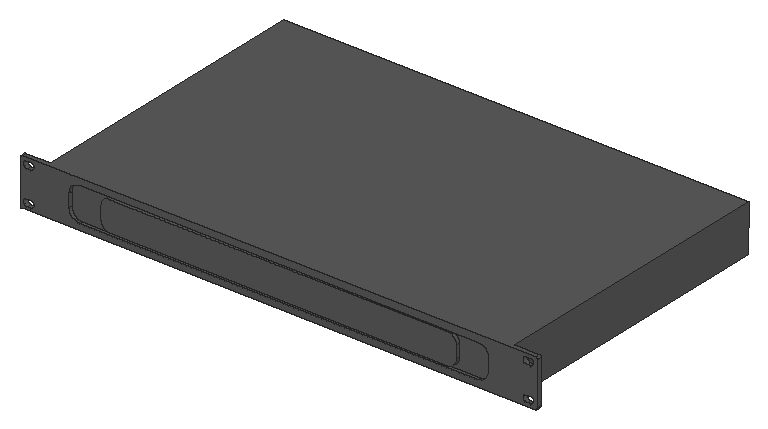
Revit family "E 40-2", category Communication Devices, Revit 2020
Family settings
  Maintain Annotation Orientation = No
  Round Connector Dimension = Use Diameter
  Part Type = Normal
  Work Plane-Based = No
  Always vertical = Yes
  Cut with Voids When Loaded = No
  Shared = No
  Room Calculation Point = No
Parameters
  Weight (kg) [instance] = 8.1  # constant formula
  Voltage [instance] = "100-240VAC"  # constant formula
  Model = "E 40:2"
  Manufacturer = "Lab Gruppen"
  Default Elevation = 0 mm
  Current Draw (Max) [instance] = 10  # constant formula
Reference planes
  plane 1 "Center (Front/Back)": y = 0
  plane 2: z = 0
  plane 3 "Center (Left/Right)": x = 0
Forms (mm)
  Extrusion 1, solid, material "Aluminium, Black"
    sketch origin (0, 0, 0) x (1, 0, 0) y (0, 0, 1)
      loop
        line (216.937, 44) -> (-216.504, 44) -> (-216.504, 0) -> (216.937, 0) -> (216.937, 44)
    from 0 to -272
  Extrusion 2, solid, material "Aluminium, Black"
    sketch origin (0, 0, 0) x (1, 0, 0) y (0, 0, 1)
      loop
        arc (-239.3, 44) -> (-240.714, 43.415) -> (-241.3, 42) r 2
        line (-241.3, 42) -> (-241.3, 2)
        arc (-241.3, 2) -> (-240.714, 0.586) -> (-239.3, 0) r 2
        line (-239.3, 0) -> (239.3, 0)
        arc (239.3, 0) -> (240.714, 0.586) -> (241.3, 2) r 2
        line (241.3, 2) -> (241.3, 42)
        arc (241.3, 42) -> (240.714, 43.415) -> (239.3, 44) r 2
        line (239.3, 44) -> (-239.3, 44)
    from 0 to 4
  Extrusion 3, void
    sketch origin (0, 0, 0) x (1, 0, 0) y (0, 0, 1)
      loop
        arc (231.4, 41.4) -> (227.9, 37.9) -> (231.4, 34.4) r 3.5
        line (231.4, 34.4) -> (234.4, 34.4)
        arc (234.4, 34.4) -> (237.9, 37.9) -> (234.4, 41.4) r 3.5
        line (234.4, 41.4) -> (231.4, 41.4)
    from 0 to 4
  Extrusion 4, void
    sketch origin (0, 0, 0) x (1, 0, 0) y (0, 0, 1)
      loop
        arc (231.4, 9.6) -> (227.9, 6.1) -> (231.4, 2.6) r 3.5
        line (231.4, 2.6) -> (234.4, 2.6)
        arc (234.4, 2.6) -> (237.9, 6.1) -> (234.4, 9.6) r 3.5
        line (234.4, 9.6) -> (231.4, 9.6)
    from 0 to 4
  Extrusion 5, void
    sketch origin (0, 0, 0) x (1, 0, 0) y (0, 0, 1)
      loop
        arc (-234.4, 41.4) -> (-237.9, 37.9) -> (-234.4, 34.4) r 3.5
        line (-234.4, 34.4) -> (-231.4, 34.4)
        arc (-231.4, 34.4) -> (-227.9, 37.9) -> (-231.4, 41.4) r 3.5
        line (-231.4, 41.4) -> (-234.4, 41.4)
    from 0 to 4
  Extrusion 6, void
    sketch origin (0, 0, 0) x (1, 0, 0) y (0, 0, 1)
      loop
        arc (-234.4, 9.6) -> (-237.9, 6.1) -> (-234.4, 2.6) r 3.5
        line (-234.4, 2.6) -> (-231.4, 2.6)
        arc (-231.4, 2.6) -> (-227.9, 6.1) -> (-231.4, 9.6) r 3.5
        line (-231.4, 9.6) -> (-234.4, 9.6)
    from 0 to 4
  Extrusion 7, void
    sketch origin (0, 0, 0) x (1, 0, 0) y (0, 0, 1)
      loop
        arc (-185.75, 38) -> (-192.821, 35.072) -> (-195.75, 28.001) r 10
        line (-195.75, 28.001) -> (-195.75, 16)
        arc (-195.75, 16) -> (-192.821, 8.929) -> (-185.75, 6) r 10
        line (-185.75, 6) -> (185.75, 6)
        arc (185.75, 6) -> (192.821, 8.929) -> (195.75, 16) r 10
        line (195.75, 16) -> (195.75, 28)
        arc (195.75, 28) -> (192.821, 35.071) -> (185.75, 38) r 10
        line (185.75, 38) -> (-185.75, 38)
    from 1 to 4
  Extrusion 8, solid, material "Aluminium, Black"
    sketch origin (0, 0, 0) x (1, 0, 0) y (0, 0, 1)
      loop
        arc (-157.75, 36.001) -> (-163.407, 33.657) -> (-165.75, 28.001) r 8
        line (-165.75, 28.001) -> (-165.75, 16)
        arc (-165.75, 16) -> (-163.407, 10.343) -> (-157.75, 8) r 8
        line (-157.75, 8) -> (157.75, 8)
        arc (157.75, 8) -> (163.407, 10.343) -> (165.75, 16) r 8
        line (165.75, 16) -> (165.75, 28.001)
        arc (165.75, 28.001) -> (163.407, 33.658) -> (157.75, 36.001) r 8
        line (157.75, 36.001) -> (-157.75, 36.001)
    from 1 to 4
Cuts and joins
  Extrusion 3, Extrusion 4, Extrusion 7 cuts Extrusion 1
  Extrusion 3, Extrusion 4, Extrusion 5, Extrusion 6, Extrusion 7 cuts Extrusion 2
  joined: Extrusion 1, Extrusion 2, Extrusion 8
Lines and regions (mm)
  Split face 1
    outline origin (-157.75, -4, 36.001) x (-1, 0, 0) y (0, 0, -1)
      loop
        arc (-83.45, 9.2) -> (-82.15, 10.5) -> (-83.45, 11.8) r 1.3
        line (-83.45, 11.8) -> (-89.45, 11.8)
        arc (-89.45, 11.8) -> (-90.75, 10.5) -> (-89.45, 9.2) r 1.3
        line (-89.45, 9.2) -> (-83.45, 9.2)
  Split face 2
    outline origin (-157.75, -4, 36.001) x (-1, 0, 0) y (0, 0, -1)
      loop
        arc (-83.45, 16.2) -> (-82.15, 17.5) -> (-83.45, 18.8) r 1.3
        line (-83.45, 18.8) -> (-89.45, 18.8)
        arc (-89.45, 18.8) -> (-90.75, 17.5) -> (-89.45, 16.2) r 1.3
        line (-89.45, 16.2) -> (-83.45, 16.2)
  Split face 3
    outline origin (187.853, 272, 44) x (0, 0, -1) y (-1, 0, 0)
      loop
        arc (28.422, 363.645) -> (30.466, 364.55) -> (31.305, 366.623) r 2.98
        line (31.305, 366.623) -> (31.305, 391.409)
        arc (31.305, 391.409) -> (30.493, 393.507) -> (28.422, 394.385) r 2.884
        line (28.422, 394.385) -> (12.058, 394.385)
        arc (12.058, 394.385) -> (10.01, 393.483) -> (9.169, 391.409) r 2.977
        line (9.169, 391.409) -> (9.169, 366.623)
        arc (9.169, 366.623) -> (9.983, 364.523) -> (12.058, 363.645) r 2.89
        line (12.058, 363.645) -> (28.422, 363.645)
  Split face 4
    outline origin (187.853, 272, 44) x (0, 0, -1) y (-1, 0, 0)
      loop
        arc (28.393, 389.257) -> (27.776, 390.755) -> (26.279, 391.376) r 2.114
        line (26.279, 391.376) -> (17.692, 391.376)
        arc (17.692, 391.376) -> (17.189, 391.274) -> (16.765, 390.986) r 1.299
        line (16.765, 390.986) -> (12.421, 386.557)
        arc (12.421, 386.557) -> (12.138, 386.127) -> (12.039, 385.622) r 1.336
        line (12.039, 385.622) -> (12.039, 372.472)
        arc (12.039, 372.472) -> (12.14, 371.968) -> (12.429, 371.544) r 1.293
        line (12.429, 371.544) -> (16.76, 367.323)
        arc (16.76, 367.323) -> (17.188, 367.04) -> (17.692, 366.941) r 1.327
        line (17.692, 366.941) -> (26.156, 366.941)
        arc (26.156, 366.941) -> (27.73, 367.519) -> (28.393, 369.059) r 2.122
        line (28.393, 369.059) -> (28.393, 389.257)
  Split face 5
    outline origin (187.853, 272, 44) x (0, 0, -1) y (-1, 0, 0)
      loop
        line (23.895, 385.372) -> (23.895, 387.032) -> (20.184, 387.032) -> (20.184, 385.372) -> (23.895, 385.372)
  Split face 6
    outline origin (187.853, 272, 44) x (0, 0, -1) y (-1, 0, 0)
      loop
        line (19.844, 378.336) -> (19.844, 379.996) -> (16.129, 379.996) -> (16.129, 378.336) -> (19.844, 378.336)
  Split face 7
    outline origin (187.853, 272, 44) x (0, 0, -1) y (-1, 0, 0)
      loop
        line (20.184, 372.93) -> (20.184, 371.266) -> (23.895, 371.266) -> (23.895, 372.93) -> (20.184, 372.93)
  Split face 8
    outline origin (216.937, 272, 44) x (0, 0, -1) y (-1, 0, 0)
      loop
        circle (29.652, 182.63) r 5.531
  Split face 9
    outline origin (216.937, 272, 44) x (0, 0, -1) y (-1, 0, 0)
      loop
        circle (30.72, 192.684) r 1.778
  Split face 10
    outline origin (216.937, 272, 39.014) x (0, 0, -1) y (-1, 0, 0)
      loop
        circle (25.227, 151.875) r 5.494
  Split face 11
    outline origin (216.937, 272, 39.014) x (0, 0, -1) y (-1, 0, 0)
      loop
        arc (22.886, 150.987) -> (22.835, 149.663) -> (24.159, 149.613) r 0.936
        line (24.159, 149.613) -> (27.557, 152.764)
        arc (27.557, 152.764) -> (27.611, 154.086) -> (26.289, 154.138) r 0.935
        line (26.289, 154.138) -> (22.886, 150.987)
  Split face 12
    outline origin (216.937, 272, 44) x (0, 0, -1) y (-1, 0, 0)
      loop
        circle (31.117, 140.57) r 1.58
  Split face 13
    outline origin (216.937, 272, 44) x (0, 0, -1) y (-1, 0, 0)
      loop
        line (34.484, 130.603) -> (34.484, 135.25) -> (27.365, 135.25) -> (27.365, 130.603) -> (34.484, 130.603)
  Split face 14
    outline origin (216.937, 272, 44) x (0, 0, -1) y (-1, 0, 0)
      loop
        line (33.378, 131.605) -> (33.378, 134.248) -> (29.564, 134.248) -> (29.564, 131.605) -> (33.378, 131.605)
  Split face 15
    outline origin (216.937, 272, 44) x (0, 0, -1) y (-1, 0, 0)
      loop
        line (34.484, 122.278) -> (34.484, 126.924) -> (27.365, 126.924) -> (27.365, 122.278) -> (34.484, 122.278)
  Split face 16
    outline origin (216.937, 272, 44) x (0, 0, -1) y (-1, 0, 0)
      loop
        line (33.378, 123.28) -> (33.378, 125.924) -> (29.564, 125.924) -> (29.564, 123.28) -> (33.378, 123.28)
  Split face 17
    outline origin (216.937, 272, 39.014) x (0, 0, -1) y (-1, 0, 0)
      loop
        circle (25.225, 110.053) r 5.494
  Split face 18
    outline origin (216.937, 272, 39.014) x (0, 0, -1) y (-1, 0, 0)
      loop
        arc (22.886, 109.165) -> (22.835, 107.841) -> (24.159, 107.791) r 0.936
        line (24.159, 107.791) -> (27.557, 110.942)
        arc (27.557, 110.942) -> (27.611, 112.264) -> (26.289, 112.316) r 0.935
        line (26.289, 112.316) -> (22.886, 109.165)
  Split face 19
    outline origin (216.937, 272, 44) x (0, 0, -1) y (-1, 0, 0)
      loop
        line (34.484, 88.653) -> (34.484, 93.301) -> (27.365, 93.301) -> (27.365, 88.653) -> (34.484, 88.653)
  Split face 20
    outline origin (216.937, 272, 44) x (0, 0, -1) y (-1, 0, 0)
      loop
        line (33.378, 89.656) -> (33.378, 92.299) -> (29.564, 92.299) -> (29.564, 89.656) -> (33.378, 89.656)
  Split face 21
    outline origin (216.937, 272, 44) x (0, 0, -1) y (-1, 0, 0)
      loop
        line (34.484, 80.329) -> (34.484, 84.975) -> (27.365, 84.975) -> (27.365, 80.329) -> (34.484, 80.329)
  Split face 22
    outline origin (216.937, 272, 44) x (0, 0, -1) y (-1, 0, 0)
      loop
        line (33.378, 81.331) -> (33.378, 83.975) -> (29.564, 83.975) -> (29.564, 81.331) -> (33.378, 81.331)
  Split face 23
    outline origin (216.937, 272, 44) x (0, 0, -1) y (-1, 0, 0)
      loop
        circle (31.117, 98.391) r 1.578
  Split face 24
    outline origin (216.937, 272, 44) x (0, 0, -1) y (-1, 0, 0)
      loop
        line (36.299, 4.758) -> (36.299, 26.188) -> (27.277, 26.188) -> (27.277, 25.116) -> (25.049, 25.116) -> (25.049, 5.793) -> (27.365, 5.793) -> (27.365, 4.758) -> (36.299, 4.758)
  Split face 25
    outline origin (216.937, 272, 44) x (0, 0, -1) y (-1, 0, 0)
      loop
        line (28.11, 4.758) -> (28.11, 26.188)
  Split face 26
    outline origin (216.937, 272, 44) x (0, 0, -1) y (-1, 0, 0)
      loop
        line (36.539, 31.923) -> (36.539, 49.134) -> (27.536, 49.134) -> (27.536, 46.746) -> (25.308, 46.746) -> (25.308, 34.334) -> (27.633, 34.334) -> (27.633, 31.923) -> (36.539, 31.923)
  Split face 27
    outline origin (216.937, 272, 44) x (0, 0, -1) y (-1, 0, 0)
      loop
        line (28.36, 31.923) -> (28.36, 49.134)
  Split face 28
    outline origin (216.937, 272, 44) x (0, 0, -1) y (-1, 0, 0)
      loop
        line (36.539, 58.674) -> (36.539, 75.884) -> (27.536, 75.884) -> (27.536, 73.496) -> (25.308, 73.496) -> (25.308, 61.084) -> (27.633, 61.084) -> (27.633, 58.674) -> (36.539, 58.674)
  Split face 29
    outline origin (216.937, 272, 44) x (0, 0, -1) y (-1, 0, 0)
      loop
        line (28.36, 58.674) -> (28.36, 75.884)
  Split face 30
    outline origin (216.937, 272, 44) x (0, 0, -1) y (-1, 0, 0)
      loop
        arc (34.712, 33.431) -> (35.812, 35.797) -> (34.712, 38.163) r 3.096
        arc (34.712, 38.163) -> (35.812, 40.529) -> (34.712, 42.895) r 3.096
        arc (34.712, 42.895) -> (35.812, 45.261) -> (34.712, 47.626) r 3.096
        line (34.712, 47.626) -> (34.712, 48.426) -> (30.105, 48.426) -> (30.105, 32.631) -> (34.712, 32.631) -> (34.712, 33.431)
  Split face 31
    outline origin (216.937, 272, 44) x (0, 0, -1) y (-1, 0, 0)
      loop
        arc (34.712, 60.181) -> (35.812, 62.547) -> (34.712, 64.913) r 3.096
        arc (34.712, 64.913) -> (35.812, 67.279) -> (34.712, 69.645) r 3.096
        arc (34.712, 69.645) -> (35.812, 72.011) -> (34.712, 74.377) r 3.096
        line (34.712, 74.377) -> (34.712, 75.177) -> (30.105, 75.177) -> (30.105, 59.381) -> (34.712, 59.381) -> (34.712, 60.181)
  Split face 32
    outline origin (216.937, 272, 44) x (0, 0, -1) y (-1, 0, 0)
      loop
        arc (34.712, 6.009) -> (35.812, 8.375) -> (34.712, 10.741) r 3.096
        arc (34.712, 10.741) -> (35.812, 13.107) -> (34.712, 15.473) r 3.096
        arc (34.712, 15.473) -> (35.812, 17.839) -> (34.712, 20.205) r 3.096
        arc (34.712, 20.205) -> (35.812, 22.571) -> (34.712, 24.937) r 3.096
        line (34.712, 24.937) -> (34.712, 25.737) -> (30.105, 25.737) -> (30.105, 5.209) -> (34.712, 5.209) -> (34.712, 6.009)
  Split face 33
    outline origin (-157.75, -4, 36.001) x (-1, 0, 0) y (0, 0, -1)
      loop
        circle (-182.45, 10.5) r 1.3
  Split face 34
    outline origin (-157.75, -4, 36.001) x (-1, 0, 0) y (0, 0, -1)
      loop
        circle (-182.45, 17.5) r 1.3
  Split face 35
    outline origin (-157.75, -4, 36.001) x (-1, 0, 0) y (0, 0, -1)
      loop
        circle (-206.951, 10.5) r 1.3
  Split face 36
    outline origin (-157.75, -4, 36.001) x (-1, 0, 0) y (0, 0, -1)
      loop
        circle (-206.951, 17.5) r 1.3
  Split face 37
    outline origin (216.937, 272, 44) x (0, 0, -1) y (-1, 0, 0)
      loop
        line (36.881, 328.65) -> (36.881, 344.348) -> (20.917, 344.348) -> (20.917, 328.65) -> (36.881, 328.65)
  Split face 38
    outline origin (216.937, 272, 44) x (0, 0, -1) y (-1, 0, 0)
      loop
        line (36.881, 310.454) -> (36.881, 326.152) -> (20.917, 326.152) -> (20.917, 310.454) -> (36.881, 310.454)
  Split face 39
    outline origin (216.937, 272, 44) x (0, 0, -1) y (-1, 0, 0)
      loop
        line (25.011, 342.823) -> (25.011, 341.844) -> (26.156, 341.844) -> (26.156, 338.396) -> (25.011, 338.396) -> (25.011, 334.751) -> (26.156, 334.751) -> (26.156, 331.302) -> (25.011, 331.302) -> (25.011, 330.324) -> (33.865, 330.324) -> (33.865, 342.823) -> (25.011, 342.823)
  Split face 40
    outline origin (216.937, 272, 44) x (0, 0, -1) y (-1, 0, 0)
      loop
        line (25.011, 324.627) -> (25.011, 323.648) -> (26.156, 323.648) -> (26.156, 320.2) -> (25.011, 320.2) -> (25.011, 316.555) -> (26.156, 316.555) -> (26.156, 313.106) -> (25.011, 313.106) -> (25.011, 312.128) -> (33.865, 312.128) -> (33.865, 324.627) -> (25.011, 324.627)
  Split face 41
    outline origin (216.937, 272, 44) x (0, 0, -1) y (-1, 0, 0)
      loop
        arc (34.712, 234.907) -> (35.974, 236.169) -> (34.712, 237.43) r 1.262
        line (34.712, 237.43) -> (6.452, 237.43)
        arc (6.452, 237.43) -> (5.19, 236.169) -> (6.452, 234.907) r 1.262
        line (6.452, 234.907) -> (34.712, 234.907)
  Split face 42
    outline origin (216.937, 272, 44) x (0, 0, -1) y (-1, 0, 0)
      loop
        arc (34.712, 238.407) -> (35.974, 239.669) -> (34.712, 240.93) r 1.262
        line (34.712, 240.93) -> (6.452, 240.93)
        arc (6.452, 240.93) -> (5.19, 239.669) -> (6.452, 238.407) r 1.262
        line (6.452, 238.407) -> (34.712, 238.407)
  Split face 43
    outline origin (216.937, 272, 44) x (0, 0, -1) y (-1, 0, 0)
      loop
        arc (34.712, 217.409) -> (35.974, 218.671) -> (34.712, 219.933) r 1.262
        line (34.712, 219.933) -> (6.452, 219.933)
        arc (6.452, 219.933) -> (5.19, 218.671) -> (6.452, 217.409) r 1.262
        line (6.452, 217.409) -> (34.712, 217.409)
  Split face 44
    outline origin (216.937, 272, 44) x (0, 0, -1) y (-1, 0, 0)
      loop
        arc (34.712, 213.93) -> (35.974, 215.192) -> (34.712, 216.454) r 1.262
        line (34.712, 216.454) -> (6.452, 216.454)
        arc (6.452, 216.454) -> (5.19, 215.192) -> (6.452, 213.93) r 1.262
        line (6.452, 213.93) -> (34.712, 213.93)
  Split face 45
    outline origin (216.937, 272, 44) x (0, 0, -1) y (-1, 0, 0)
      loop
        arc (34.712, 245.407) -> (35.974, 246.669) -> (34.712, 247.93) r 1.262
        line (34.712, 247.93) -> (6.452, 247.93)
        arc (6.452, 247.93) -> (5.19, 246.669) -> (6.452, 245.407) r 1.262
        line (6.452, 245.407) -> (34.712, 245.407)
  Split face 46
    outline origin (216.937, 272, 44) x (0, 0, -1) y (-1, 0, 0)
      loop
        arc (34.712, 224.389) -> (35.974, 225.651) -> (34.712, 226.913) r 1.262
        line (34.712, 226.913) -> (6.452, 226.913)
        arc (6.452, 226.913) -> (5.19, 225.651) -> (6.452, 224.389) r 1.262
        line (6.452, 224.389) -> (34.712, 224.389)
  Split face 47
    outline origin (216.937, 272, 44) x (0, 0, -1) y (-1, 0, 0)
      loop
        arc (34.712, 220.89) -> (35.974, 222.152) -> (34.712, 223.413) r 1.262
        line (34.712, 223.413) -> (6.452, 223.413)
        arc (6.452, 223.413) -> (5.19, 222.152) -> (6.452, 220.89) r 1.262
        line (6.452, 220.89) -> (34.712, 220.89)
  Split face 48
    outline origin (216.937, 272, 44) x (0, 0, -1) y (-1, 0, 0)
      loop
        arc (34.712, 241.907) -> (35.974, 243.169) -> (34.712, 244.43) r 1.262
        line (34.712, 244.43) -> (6.452, 244.43)
        arc (6.452, 244.43) -> (5.19, 243.169) -> (6.452, 241.907) r 1.262
        line (6.452, 241.907) -> (34.712, 241.907)
  Split face 49
    outline origin (216.937, 272, 44) x (0, 0, -1) y (-1, 0, 0)
      loop
        arc (34.712, 227.907) -> (35.974, 229.169) -> (34.712, 230.43) r 1.262
        line (34.712, 230.43) -> (6.452, 230.43)
        arc (6.452, 230.43) -> (5.19, 229.169) -> (6.452, 227.907) r 1.262
        line (6.452, 227.907) -> (34.712, 227.907)
  Split face 50
    outline origin (216.937, 272, 44) x (0, 0, -1) y (-1, 0, 0)
      loop
        arc (34.712, 231.407) -> (35.974, 232.669) -> (34.712, 233.93) r 1.262
        line (34.712, 233.93) -> (6.452, 233.93)
        arc (6.452, 233.93) -> (5.19, 232.669) -> (6.452, 231.407) r 1.262
        line (6.452, 231.407) -> (34.712, 231.407)
  Split face 51
    outline origin (216.937, 272, 44) x (0, 0, -1) y (-1, 0, 0)
      loop
        arc (34.712, 248.907) -> (35.974, 250.169) -> (34.712, 251.43) r 1.262
        line (34.712, 251.43) -> (6.452, 251.43)
        arc (6.452, 251.43) -> (5.19, 250.169) -> (6.452, 248.907) r 1.262
        line (6.452, 248.907) -> (34.712, 248.907)
  Split face 52
    outline origin (216.937, 272, 44) x (0, 0, -1) y (-1, 0, 0)
      loop
        arc (34.712, 266.407) -> (35.974, 267.669) -> (34.712, 268.93) r 1.262
        line (34.712, 268.93) -> (6.452, 268.93)
        arc (6.452, 268.93) -> (5.19, 267.669) -> (6.452, 266.407) r 1.262
        line (6.452, 266.407) -> (34.712, 266.407)
  Split face 53
    outline origin (216.937, 272, 44) x (0, 0, -1) y (-1, 0, 0)
      loop
        arc (34.712, 276.907) -> (35.974, 278.169) -> (34.712, 279.43) r 1.262
        line (34.712, 279.43) -> (6.452, 279.43)
        arc (6.452, 279.43) -> (5.19, 278.169) -> (6.452, 276.907) r 1.262
        line (6.452, 276.907) -> (34.712, 276.907)
  Split face 54
    outline origin (216.937, 272, 44) x (0, 0, -1) y (-1, 0, 0)
      loop
        arc (34.712, 273.407) -> (35.974, 274.669) -> (34.712, 275.93) r 1.262
        line (34.712, 275.93) -> (6.452, 275.93)
        arc (6.452, 275.93) -> (5.19, 274.669) -> (6.452, 273.407) r 1.262
        line (6.452, 273.407) -> (34.712, 273.407)
  Split face 55
    outline origin (216.937, 272, 44) x (0, 0, -1) y (-1, 0, 0)
      loop
        arc (34.712, 280.407) -> (35.974, 281.669) -> (34.712, 282.93) r 1.262
        line (34.712, 282.93) -> (6.452, 282.93)
        arc (6.452, 282.93) -> (5.19, 281.669) -> (6.452, 280.407) r 1.262
        line (6.452, 280.407) -> (34.712, 280.407)
  Split face 56
    outline origin (216.937, 272, 44) x (0, 0, -1) y (-1, 0, 0)
      loop
        arc (34.712, 269.907) -> (35.974, 271.169) -> (34.712, 272.43) r 1.262
        line (34.712, 272.43) -> (6.452, 272.43)
        arc (6.452, 272.43) -> (5.19, 271.169) -> (6.452, 269.907) r 1.262
        line (6.452, 269.907) -> (34.712, 269.907)
  Split face 57
    outline origin (216.937, 272, 44) x (0, 0, -1) y (-1, 0, 0)
      loop
        arc (34.712, 255.907) -> (35.974, 257.169) -> (34.712, 258.43) r 1.262
        line (34.712, 258.43) -> (6.452, 258.43)
        arc (6.452, 258.43) -> (5.19, 257.169) -> (6.452, 255.907) r 1.262
        line (6.452, 255.907) -> (34.712, 255.907)
  Split face 58
    outline origin (216.937, 272, 44) x (0, 0, -1) y (-1, 0, 0)
      loop
        arc (34.712, 252.407) -> (35.974, 253.669) -> (34.712, 254.93) r 1.262
        line (34.712, 254.93) -> (6.452, 254.93)
        arc (6.452, 254.93) -> (5.19, 253.669) -> (6.452, 252.407) r 1.262
        line (6.452, 252.407) -> (34.712, 252.407)
  Split face 59
    outline origin (216.937, 272, 44) x (0, 0, -1) y (-1, 0, 0)
      loop
        arc (34.712, 262.907) -> (35.974, 264.169) -> (34.712, 265.43) r 1.262
        line (34.712, 265.43) -> (6.452, 265.43)
        arc (6.452, 265.43) -> (5.19, 264.169) -> (6.452, 262.907) r 1.262
        line (6.452, 262.907) -> (34.712, 262.907)
  Split face 60
    outline origin (216.937, 272, 44) x (0, 0, -1) y (-1, 0, 0)
      loop
        arc (34.712, 259.407) -> (35.974, 260.669) -> (34.712, 261.93) r 1.262
        line (34.712, 261.93) -> (6.452, 261.93)
        arc (6.452, 261.93) -> (5.19, 260.669) -> (6.452, 259.407) r 1.262
        line (6.452, 259.407) -> (34.712, 259.407)
  Split face 61
    outline origin (-157.75, -4, 36.001) x (-1, 0, 0) y (0, 0, -1)
      loop
        circle (-157.95, 10.5) r 1.3
  Split face 62
    outline origin (-157.75, -4, 36.001) x (-1, 0, 0) y (0, 0, -1)
      loop
        circle (-157.95, 17.5) r 1.3
  Split face 63
    outline origin (-157.75, -4, 36.001) x (-1, 0, 0) y (0, 0, -1)
      loop
        circle (-133.45, 10.5) r 1.3
  Split face 64
    outline origin (-157.75, -4, 36.001) x (-1, 0, 0) y (0, 0, -1)
      loop
        circle (-133.45, 17.5) r 1.3
  Split face 65
    outline origin (216.937, 272, 44) x (0, 0, -1) y (-1, 0, 0)
      loop
        arc (34.712, 283.907) -> (35.974, 285.169) -> (34.712, 286.43) r 1.262
        line (34.712, 286.43) -> (6.452, 286.43)
        arc (6.452, 286.43) -> (5.19, 285.169) -> (6.452, 283.907) r 1.262
        line (6.452, 283.907) -> (34.712, 283.907)
  Split face 66
    outline origin (216.937, 272, 44) x (0, 0, -1) y (-1, 0, 0)
      loop
        arc (34.712, 287.407) -> (35.974, 288.669) -> (34.712, 289.93) r 1.262
        line (34.712, 289.93) -> (6.452, 289.93)
        arc (6.452, 289.93) -> (5.19, 288.669) -> (6.452, 287.407) r 1.262
        line (6.452, 287.407) -> (34.712, 287.407)
  Split face 67
    outline origin (216.937, 272, 44) x (0, 0, -1) y (-1, 0, 0)
      loop
        arc (34.712, 290.907) -> (35.974, 292.169) -> (34.712, 293.43) r 1.262
        line (34.712, 293.43) -> (6.452, 293.43)
        arc (6.452, 293.43) -> (5.19, 292.169) -> (6.452, 290.907) r 1.262
        line (6.452, 290.907) -> (34.712, 290.907)
  Split face 68
    outline origin (216.937, 272, 44) x (0, 0, -1) y (-1, 0, 0)
      loop
        arc (34.712, 294.407) -> (35.974, 295.669) -> (34.712, 296.93) r 1.262
        line (34.712, 296.93) -> (6.452, 296.93)
        arc (6.452, 296.93) -> (5.19, 295.669) -> (6.452, 294.407) r 1.262
        line (6.452, 294.407) -> (34.712, 294.407)
  model lines, style "LAGER_1"
    curve 1: line (-239.3, 0, 0) -> (239.3, 0, 0)
    curve 2: line (131.532, -4, 23.649) -> (131.062, -4, 23.759)
    curve 3: line (131.062, -4, 23.759) -> (130.184, -4, 23.802)
    curve 4: line (130.184, -4, 23.802) -> (130.011, -4, 23.802)
    curve 5: line (130.011, -4, 23.802) -> (129.167, -4, 23.765)
    curve 6: line (129.167, -4, 23.765) -> (128.533, -4, 23.639)
    curve 7: line (128.533, -4, 23.639) -> (128.28, -4, 23.401)
    curve 8: line (128.28, -4, 23.401) -> (128.431, -4, 22.518)
    curve 9: line (128.431, -4, 22.518) -> (129.032, -4, 22.38)
    curve 10: line (129.032, -4, 22.38) -> (129.482, -4, 22.38)
    curve 11: line (129.482, -4, 22.38) -> (130.451, -4, 22.38)
    curve 12: line (130.451, -4, 22.38) -> (130.901, -4, 22.374)
    curve 13: line (130.901, -4, 22.374) -> (131.496, -4, 22.325)
    curve 14: line (131.496, -4, 22.325) -> (132.137, -4, 22.046)
    curve 15: line (132.137, -4, 22.046) -> (132.264, -4, 20.617)
    curve 16: line (132.264, -4, 20.617) -> (131.866, -4, 20.243)
    curve 17: line (131.866, -4, 20.243) -> (131.187, -4, 20.08)
    curve 18: line (131.187, -4, 20.08) -> (130.321, -4, 20.043)
    curve 19: line (130.321, -4, 20.043) -> (129.994, -4, 20.043)
    curve 20: line (129.994, -4, 20.043) -> (129.3, -4, 20.053)
    curve 21: line (129.3, -4, 20.053) -> (128.591, -4, 20.126)
    curve 22: line (128.591, -4, 20.126) -> (127.91, -4, 20.462)
    curve 23: line (127.91, -4, 20.462) -> (127.707, -4, 21.41)
    curve 24: line (127.707, -4, 21.41) -> (128.203, -4, 21.41)
    curve 25: line (128.203, -4, 21.319) -> (128.261, -4, 20.828)
    curve 26: line (128.261, -4, 20.828) -> (128.564, -4, 20.593)
    curve 27: line (128.564, -4, 20.593) -> (129.215, -4, 20.496)
    curve 28: line (129.215, -4, 20.496) -> (131.1, -4, 20.529)
    curve 29: line (131.1, -4, 20.529) -> (131.702, -4, 20.74)
    curve 30: line (131.702, -4, 20.74) -> (131.656, -4, 21.818)
    curve 31: line (131.656, -4, 21.818) -> (130.957, -4, 21.939)
    curve 32: line (130.957, -4, 21.939) -> (130.015, -4, 21.939)
    curve 33: line (130.015, -4, 21.939) -> (128.913, -4, 21.961)
    curve 34: line (128.913, -4, 21.961) -> (128.02, -4, 22.184)
    curve 35: line (128.02, -4, 22.184) -> (127.842, -4, 23.641)
    curve 36: line (127.842, -4, 23.641) -> (128.301, -4, 24.043)
    curve 37: line (128.301, -4, 24.043) -> (129.062, -4, 24.198)
    curve 38: line (129.062, -4, 24.198) -> (130.693, -4, 24.223)
    curve 39: line (130.693, -4, 24.223) -> (131.347, -4, 24.165)
    curve 40: line (131.347, -4, 24.165) -> (132.041, -4, 23.84)
    curve 41: line (132.041, -4, 23.84) -> (132.282, -4, 22.998)
    curve 42: line (132.282, -4, 22.998) -> (131.785, -4, 22.998)
    curve 43: line (131.785, -4, 22.998) -> (131.72, -4, 23.443)
    curve 44: line (131.72, -4, 23.443) -> (131.532, -4, 23.649)
    curve 45: line (137.322, -4, 22.413) -> (137.322, -4, 21.994)
    curve 46: line (137.322, -4, 21.994) -> (133.867, -4, 21.994)
    curve 47: line (133.867, -4, 21.994) -> (133.867, -4, 20.484)
    curve 48: line (133.867, -4, 20.484) -> (137.495, -4, 20.484)
    curve 49: line (137.495, -4, 20.484) -> (137.495, -4, 20.065)
    curve 50: line (137.495, -4, 20.065) -> (133.371, -4, 20.065)
    curve 51: line (133.371, -4, 20.065) -> (133.371, -4, 24.199)
    curve 52: line (133.371, -4, 24.199) -> (137.452, -4, 24.199)
    curve 53: line (137.452, -4, 24.199) -> (137.452, -4, 23.769)
    curve 54: line (137.452, -4, 23.769) -> (133.867, -4, 23.769)
    curve 55: line (133.867, -4, 23.769) -> (133.867, -4, 22.413)
    curve 56: line (133.867, -4, 22.413) -> (137.322, -4, 22.413)
    curve 57: line (142.715, -4, 23.001) -> (142.487, -4, 23.625)
    curve 58: line (142.487, -4, 23.625) -> (141.732, -4, 23.769)
    curve 59: line (141.732, -4, 23.769) -> (138.978, -4, 23.769)
    curve 60: line (138.978, -4, 23.769) -> (138.978, -4, 22.16)
    curve 61: line (138.978, -4, 22.16) -> (141.744, -4, 22.16)
    curve 62: line (141.744, -4, 22.16) -> (142.502, -4, 22.329)
    curve 63: line (142.502, -4, 22.329) -> (142.715, -4, 23.001)
    curve 64: line (143.234, -4, 22.974) -> (143.069, -4, 22.21)
    curve 65: line (143.069, -4, 22.21) -> (142.354, -4, 21.923)
    curve 66: line (142.354, -4, 21.923) -> (142.962, -4, 21.721)
    curve 67: line (142.962, -4, 21.721) -> (143.156, -4, 21.189)
    curve 68: line (143.156, -4, 21.189) -> (143.156, -4, 20.065)
    curve 69: line (143.156, -4, 20.065) -> (142.66, -4, 20.065)
    curve 70: line (142.66, -4, 20.065) -> (142.66, -4, 20.983)
    curve 71: line (142.66, -4, 20.983) -> (142.466, -4, 21.592)
    curve 72: line (142.466, -4, 21.592) -> (141.789, -4, 21.741)
    curve 73: line (141.789, -4, 21.741) -> (138.978, -4, 21.741)
    curve 74: line (138.978, -4, 21.741) -> (138.978, -4, 20.065)
    curve 75: line (138.978, -4, 20.065) -> (138.482, -4, 20.065)
    curve 76: line (138.482, -4, 20.065) -> (138.482, -4, 24.199)
    curve 77: line (138.482, -4, 24.199) -> (141.837, -4, 24.199)
    curve 78: line (141.837, -4, 24.199) -> (142.909, -4, 23.949)
    curve 79: line (142.909, -4, 23.949) -> (143.234, -4, 22.974)
    curve 80: line (144.714, -4, 20.065) -> (144.217, -4, 20.065)
    curve 81: line (144.217, -4, 20.065) -> (144.217, -4, 24.199)
    curve 82: line (144.217, -4, 24.199) -> (144.714, -4, 24.199)
    curve 83: line (144.714, -4, 24.199) -> (144.714, -4, 20.065)
    curve 84: line (149.818, -4, 22.413) -> (149.818, -4, 21.994)
    curve 85: line (149.818, -4, 21.994) -> (146.362, -4, 21.994)
    curve 86: line (146.362, -4, 21.994) -> (146.362, -4, 20.484)
    curve 87: line (146.362, -4, 20.484) -> (149.991, -4, 20.484)
    curve 88: line (149.991, -4, 20.484) -> (149.991, -4, 20.065)
    curve 89: line (149.991, -4, 20.065) -> (145.866, -4, 20.065)
    curve 90: line (145.866, -4, 20.065) -> (145.866, -4, 24.199)
    curve 91: line (145.866, -4, 24.199) -> (149.947, -4, 24.199)
    curve 92: line (149.947, -4, 24.199) -> (149.947, -4, 23.769)
    curve 93: line (149.947, -4, 23.769) -> (146.362, -4, 23.769)
    curve 94: line (146.362, -4, 23.769) -> (146.362, -4, 22.413)
    curve 95: line (146.362, -4, 22.413) -> (149.818, -4, 22.413)
    curve 96: line (154.726, -4, 23.649) -> (154.256, -4, 23.759)
    curve 97: line (154.256, -4, 23.759) -> (153.378, -4, 23.802)
    curve 98: line (153.378, -4, 23.802) -> (153.205, -4, 23.802)
    curve 99: line (153.205, -4, 23.802) -> (152.361, -4, 23.765)
    curve 100: line (152.361, -4, 23.765) -> (151.727, -4, 23.639)
    curve 101: line (151.727, -4, 23.639) -> (151.474, -4, 23.401)
    curve 102: line (151.474, -4, 23.401) -> (151.625, -4, 22.518)
    curve 103: line (151.625, -4, 22.518) -> (152.226, -4, 22.38)
    curve 104: line (152.226, -4, 22.38) -> (152.677, -4, 22.38)
    curve 105: line (152.677, -4, 22.38) -> (153.645, -4, 22.38)
    curve 106: line (153.645, -4, 22.38) -> (154.095, -4, 22.374)
    curve 107: line (154.095, -4, 22.374) -> (154.69, -4, 22.325)
    curve 108: line (154.69, -4, 22.325) -> (155.331, -4, 22.046)
    curve 109: line (155.331, -4, 22.046) -> (155.457, -4, 20.617)
    curve 110: line (155.457, -4, 20.617) -> (155.06, -4, 20.243)
    curve 111: line (155.06, -4, 20.243) -> (154.381, -4, 20.08)
    curve 112: line (154.381, -4, 20.08) -> (153.515, -4, 20.043)
    curve 113: line (153.515, -4, 20.043) -> (153.188, -4, 20.043)
    curve 114: line (153.188, -4, 20.043) -> (152.494, -4, 20.053)
    curve 115: line (152.494, -4, 20.053) -> (151.785, -4, 20.126)
    curve 116: line (151.785, -4, 20.126) -> (151.104, -4, 20.462)
    curve 117: line (151.104, -4, 20.462) -> (150.9, -4, 21.41)
    curve 118: line (150.9, -4, 21.41) -> (151.396, -4, 21.41)
    curve 119: line (151.396, -4, 21.319) -> (151.455, -4, 20.828)
    curve 120: line (151.455, -4, 20.828) -> (151.757, -4, 20.593)
    curve 121: line (151.757, -4, 20.593) -> (152.409, -4, 20.496)
    curve 122: line (152.409, -4, 20.496) -> (154.294, -4, 20.529)
    curve 123: line (154.294, -4, 20.529) -> (154.85, -4, 21.818)
    curve 124: line (154.85, -4, 21.818) -> (154.151, -4, 21.939)
    curve 125: line (154.151, -4, 21.939) -> (153.209, -4, 21.939)
    curve 126: line (153.209, -4, 21.939) -> (152.107, -4, 21.961)
    curve 127: line (152.107, -4, 21.961) -> (151.214, -4, 22.184)
    curve 128: line (151.214, -4, 22.184) -> (151.036, -4, 23.641)
    curve 129: line (151.036, -4, 23.641) -> (151.495, -4, 24.043)
    curve 130: line (151.495, -4, 24.043) -> (153.888, -4, 24.223)
    curve 131: line (153.888, -4, 24.223) -> (154.541, -4, 24.165)
    curve 132: line (154.541, -4, 24.165) -> (155.235, -4, 23.84)
    curve 133: line (155.235, -4, 23.84) -> (155.475, -4, 22.998)
    curve 134: line (155.475, -4, 22.998) -> (154.979, -4, 22.998)
    curve 135: line (154.979, -4, 22.998) -> (154.914, -4, 23.443)
    curve 136: line (154.914, -4, 23.443) -> (154.726, -4, 23.649)
    curve 137: line (124.327, -4, 22.413) -> (124.327, -4, 21.994)
    curve 138: line (124.327, -4, 21.994) -> (120.871, -4, 21.994)
    curve 139: line (120.871, -4, 21.994) -> (120.871, -4, 20.484)
    curve 140: line (120.871, -4, 20.484) -> (124.5, -4, 20.484)
    curve 141: line (124.5, -4, 20.484) -> (124.5, -4, 20.065)
    curve 142: line (124.5, -4, 20.065) -> (120.375, -4, 20.065)
    curve 143: line (120.375, -4, 20.065) -> (120.375, -4, 24.199)
    curve 144: line (120.375, -4, 24.199) -> (124.457, -4, 24.199)
    curve 145: line (124.457, -4, 24.199) -> (124.457, -4, 23.769)
    curve 146: line (124.457, -4, 23.769) -> (120.871, -4, 23.769)
    curve 147: line (120.871, -4, 23.769) -> (120.871, -4, 22.413)
    curve 148: line (120.871, -4, 22.413) -> (124.327, -4, 22.413)
  model lines, style "0"
    curve 149: line (241.3, 0, 0) -> (-241.3, 0, 0)
  model lines, detail levels medium+fine
    curve 150: line (-141.82, -4, 20.552) -> (-142.115, -4, 20.847)
    curve 151: line (-141.82, -4, 20.24) -> (-141.82, -4, 20.552)
    curve 152: line (-142.115, -4, 19.945) -> (-141.82, -4, 20.24)
    curve 153: line (-142.402, -4, 19.945) -> (-142.115, -4, 19.945)
    curve 154: line (-142.696, -4, 20.24) -> (-142.402, -4, 19.945)
    curve 155: line (-142.696, -4, 20.552) -> (-142.696, -4, 20.24)
    curve 156: line (-142.402, -4, 20.847) -> (-142.696, -4, 20.552)
    curve 157: line (-142.115, -4, 20.847) -> (-142.402, -4, 20.847)
    curve 158: line (-139.06, -4, 22.001) -> (-136.58, -4, 22.001)
    curve 159: line (-139.161, -4, 21.619) -> (-139.161, -4, 21.9)
    curve 160: line (-137.056, -4, 21.518) -> (-139.06, -4, 21.518)
    curve 161: line (-137.158, -4, 20.619) -> (-137.004, -4, 21.468)
    curve 162: line (-138.634, -4, 20.395) -> (-137.158, -4, 20.619)
    curve 163: line (-140.878, -4, 20.86) -> (-138.634, -4, 20.395)
    curve 164: line (-140.743, -4, 23.347) -> (-140.878, -4, 20.86)
    curve 165: line (-137.927, -4, 23.526) -> (-140.743, -4, 23.347)
    curve 166: line (-137.183, -4, 23.353) -> (-137.927, -4, 23.526)
    curve 167: line (-137.056, -4, 22.846) -> (-137.183, -4, 23.353)
    curve 168: line (-136.583, -4, 22.745) -> (-136.945, -4, 22.745)
    curve 169: line (-136.6, -4, 23.446) -> (-136.485, -4, 22.845)
    curve 170: line (-137.4, -4, 23.979) -> (-136.6, -4, 23.446)
    curve 171: line (-141.387, -4, 23.309) -> (-137.4, -4, 23.979)
    curve 172: line (-141.393, -4, 20.631) -> (-141.387, -4, 23.309)
    curve 173: line (-140.631, -4, 19.98) -> (-141.393, -4, 20.631)
    curve 174: line (-136.52, -4, 20.724) -> (-140.631, -4, 19.98)
    curve 175: line (-136.453, -4, 21.882) -> (-136.52, -4, 20.724)
    curve 176: line (-135.937, -4, 23.94) -> (-135.937, -4, 20.007)
    curve 177: line (-133.459, -4, 24.041) -> (-135.835, -4, 24.041)
    curve 178: line (-131.312, -4, 23.533) -> (-133.459, -4, 24.041)
    curve 179: line (-131.863, -4, 21.703) -> (-131.312, -4, 23.533)
    curve 180: line (-131.442, -4, 21.493) -> (-131.863, -4, 21.703)
    curve 181: line (-131.256, -4, 20.495) -> (-131.442, -4, 21.493)
    curve 182: line (-131.256, -4, 20.007) -> (-131.256, -4, 20.495)
    curve 183: line (-131.706, -4, 19.906) -> (-131.357, -4, 19.906)
    curve 184: line (-131.808, -4, 20.201) -> (-131.808, -4, 20.007)
    curve 185: line (-131.808, -4, 20.404) -> (-131.808, -4, 20.201)
    curve 186: line (-131.832, -4, 21.003) -> (-131.808, -4, 20.404)
    curve 187: line (-132.272, -4, 21.462) -> (-131.832, -4, 21.003)
    curve 188: line (-133.357, -4, 21.499) -> (-132.272, -4, 21.462)
    curve 189: line (-135.284, -4, 21.499) -> (-133.357, -4, 21.499)
    curve 190: line (-135.385, -4, 20.007) -> (-135.385, -4, 21.398)
    curve 191: line (-135.835, -4, 19.906) -> (-135.486, -4, 19.906)
    curve 192: line (-133.459, -4, 21.983) -> (-135.284, -4, 21.983)
    curve 193: line (-133.257, -4, 21.983) -> (-133.459, -4, 21.983)
    curve 194: line (-132.963, -4, 21.983) -> (-133.257, -4, 21.983)
    curve 195: line (-132.761, -4, 21.99) -> (-132.963, -4, 21.983)
    curve 196: line (-131.832, -4, 22.262) -> (-132.761, -4, 21.99)
    curve 197: line (-131.944, -4, 23.409) -> (-131.832, -4, 22.262)
    curve 198: line (-133.357, -4, 23.558) -> (-131.944, -4, 23.409)
    curve 199: line (-135.284, -4, 23.558) -> (-133.357, -4, 23.558)
    curve 200: line (-135.385, -4, 22.084) -> (-135.385, -4, 23.456)
    curve 201: line (-130.597, -4, 24.041) -> (-130.247, -4, 24.041)
    curve 202: line (-130.698, -4, 22.007) -> (-130.698, -4, 23.94)
    curve 203: line (-130.655, -4, 20.792) -> (-130.698, -4, 22.007)
    curve 204: line (-129.954, -4, 19.98) -> (-130.655, -4, 20.792)
    curve 205: line (-126.599, -4, 19.98) -> (-129.954, -4, 19.98)
    curve 206: line (-125.849, -4, 20.867) -> (-126.599, -4, 19.98)
    curve 207: line (-125.818, -4, 22.109) -> (-125.849, -4, 20.867)
    curve 208: line (-125.818, -4, 23.94) -> (-125.818, -4, 22.109)
    curve 209: line (-126.268, -4, 24.041) -> (-125.919, -4, 24.041)
    curve 210: line (-126.368, -4, 21.405) -> (-126.37, -4, 23.94)
    curve 211: line (-126.5, -4, 20.612) -> (-126.368, -4, 21.405)
    curve 212: line (-129.749, -4, 20.463) -> (-126.5, -4, 20.612)
    curve 213: line (-130.146, -4, 23.94) -> (-129.749, -4, 20.463)
    curve 214: line (-125.235, -4, 23.94) -> (-125.235, -4, 20.007)
    curve 215: line (-122.146, -4, 24.041) -> (-125.134, -4, 24.041)
    curve 216: line (-120.969, -4, 23.818) -> (-122.146, -4, 24.041)
    curve 217: line (-120.945, -4, 21.722) -> (-120.969, -4, 23.818)
    curve 218: line (-121.893, -4, 21.468) -> (-120.945, -4, 21.722)
    curve 219: line (-122.618, -4, 21.462) -> (-121.893, -4, 21.468)
    curve 220: line (-124.582, -4, 21.462) -> (-122.618, -4, 21.462)
    curve 221: line (-124.684, -4, 20.007) -> (-124.684, -4, 21.36)
    curve 222: line (-125.134, -4, 19.906) -> (-124.785, -4, 19.906)
    curve 223: line (-122.618, -4, 21.946) -> (-124.582, -4, 21.946)
    curve 224: line (-121.366, -4, 22.094) -> (-122.618, -4, 21.946)
    curve 225: line (-121.354, -4, 23.403) -> (-121.366, -4, 22.094)
    curve 226: line (-122.618, -4, 23.558) -> (-121.354, -4, 23.403)
    curve 227: line (-124.582, -4, 23.558) -> (-122.618, -4, 23.558)
    curve 228: line (-124.684, -4, 22.047) -> (-124.684, -4, 23.456)
    curve 229: line (-120.251, -4, 23.94) -> (-120.251, -4, 20.007)
    curve 230: line (-117.162, -4, 24.041) -> (-120.149, -4, 24.041)
    curve 231: line (-115.984, -4, 23.818) -> (-117.162, -4, 24.041)
    curve 232: line (-115.96, -4, 21.722) -> (-115.984, -4, 23.818)
    curve 233: line (-116.908, -4, 21.468) -> (-115.96, -4, 21.722)
    curve 234: line (-117.634, -4, 21.462) -> (-116.908, -4, 21.468)
    curve 235: line (-119.598, -4, 21.462) -> (-117.634, -4, 21.462)
    curve 236: line (-119.699, -4, 20.007) -> (-119.699, -4, 21.36)
    curve 237: line (-120.149, -4, 19.906) -> (-119.801, -4, 19.906)
    curve 238: line (-117.634, -4, 21.946) -> (-119.598, -4, 21.946)
    curve 239: line (-116.382, -4, 22.094) -> (-117.634, -4, 21.946)
    curve 240: line (-116.369, -4, 23.403) -> (-116.382, -4, 22.094)
    curve 241: line (-117.634, -4, 23.558) -> (-116.369, -4, 23.403)
    curve 242: line (-119.598, -4, 23.558) -> (-117.634, -4, 23.558)
    curve 243: line (-119.699, -4, 22.047) -> (-119.699, -4, 23.456)
    curve 244: line (-115.253, -4, 20.007) -> (-115.253, -4, 23.94)
    curve 245: line (-111.299, -4, 19.906) -> (-115.152, -4, 19.906)
    curve 246: line (-111.197, -4, 20.288) -> (-111.197, -4, 20.007)
    curve 247: line (-114.6, -4, 20.389) -> (-111.299, -4, 20.389)
    curve 248: line (-114.701, -4, 21.708) -> (-114.701, -4, 20.49)
    curve 249: line (-111.454, -4, 21.809) -> (-114.6, -4, 21.809)
    curve 250: line (-111.353, -4, 22.192) -> (-111.353, -4, 21.91)
    curve 251: line (-114.6, -4, 22.293) -> (-111.454, -4, 22.293)
    curve 252: line (-114.701, -4, 23.456) -> (-114.701, -4, 22.394)
    curve 253: line (-111.305, -4, 23.558) -> (-114.6, -4, 23.558)
    curve 254: line (-111.204, -4, 23.94) -> (-111.204, -4, 23.659)
    curve 255: line (-115.152, -4, 24.041) -> (-111.305, -4, 24.041)
    curve 256: line (-110.706, -4, 24.041) -> (-109.991, -4, 24.041)
    curve 257: line (-110.807, -4, 20.007) -> (-110.807, -4, 23.94)
    curve 258: line (-110.356, -4, 19.906) -> (-110.706, -4, 19.906)
    curve 259: line (-110.255, -4, 23.425) -> (-110.255, -4, 20.007)
    curve 260: line (-110.06, -4, 23.454) -> (-110.255, -4, 23.425)
    curve 261: line (-106.6, -4, 19.977) -> (-110.06, -4, 23.454)
    curve 262: line (-106.427, -4, 19.906) -> (-106.6, -4, 19.977)
    curve 263: line (-105.694, -4, 19.906) -> (-106.427, -4, 19.906)
    curve 264: line (-105.593, -4, 23.94) -> (-105.593, -4, 20.007)
    curve 265: line (-106.043, -4, 24.041) -> (-105.694, -4, 24.041)
    curve 266: line (-106.144, -4, 20.515) -> (-106.144, -4, 23.94)
    curve 267: line (-106.346, -4, 20.486) -> (-106.144, -4, 20.515)
    curve 268: line (-109.818, -4, 23.969) -> (-106.346, -4, 20.486)
    curve 269: line (-109.991, -4, 24.041) -> (-109.818, -4, 23.969)
    curve 270: line (-151.526, -4, 21.445) -> (-150.464, -4, 23.316)
    curve 271: line (-149.354, -4, 21.445) -> (-151.526, -4, 21.445)
    curve 272: line (-150.406, -4, 23.316) -> (-149.354, -4, 21.445)
    curve 273: line (-147.74, -4, 20.17) -> (-149.857, -4, 23.918)
    curve 274: line (-147.736, -4, 19.968) -> (-147.74, -4, 20.17)
    curve 275: line (-147.914, -4, 19.873) -> (-147.736, -4, 19.968)
    curve 276: line (-148.303, -4, 19.873) -> (-147.914, -4, 19.873)
    curve 277: line (-148.571, -4, 20.03) -> (-148.303, -4, 19.873)
    curve 278: line (-148.939, -4, 20.688) -> (-148.571, -4, 20.03)
    curve 279: line (-151.926, -4, 20.7) -> (-148.961, -4, 20.7)
    curve 280: line (-152.316, -4, 20.03) -> (-151.948, -4, 20.688)
    curve 281: line (-152.584, -4, 19.873) -> (-152.316, -4, 20.03)
    curve 282: line (-152.985, -4, 19.873) -> (-152.584, -4, 19.873)
    curve 283: line (-153.159, -4, 20.171) -> (-152.985, -4, 19.873)
    curve 284: line (-152.858, -4, 20.701) -> (-153.159, -4, 20.171)
    curve 285: line (-155.353, -4, 20.701) -> (-152.858, -4, 20.701)
    curve 286: line (-155.593, -4, 20.94) -> (-155.353, -4, 20.701)
    curve 287: line (-155.593, -4, 23.835) -> (-155.593, -4, 20.94)
    curve 288: line (-155.353, -4, 24.074) -> (-155.593, -4, 23.835)
    curve 289: line (-155.023, -4, 24.074) -> (-155.353, -4, 24.074)
    curve 290: line (-154.783, -4, 23.835) -> (-155.023, -4, 24.074)
    curve 291: line (-154.783, -4, 21.446) -> (-154.783, -4, 23.835)
    curve 292: line (-152.451, -4, 21.446) -> (-154.783, -4, 21.446)
    curve 293: line (-151.035, -4, 23.918) -> (-152.429, -4, 21.459)
    curve 294: line (-150.767, -4, 24.074) -> (-151.035, -4, 23.918)
    curve 295: line (-150.126, -4, 24.074) -> (-150.767, -4, 24.074)
    curve 296: line (-149.857, -4, 23.918) -> (-150.126, -4, 24.074)
    curve 297: line (-145.125, -4, 23.323) -> (-144.033, -4, 22.855)
    curve 298: line (-147.058, -4, 23.323) -> (-145.125, -4, 23.323)
    curve 299: line (-147.058, -4, 22.382) -> (-147.058, -4, 23.323)
    curve 300: line (-145.125, -4, 22.382) -> (-147.058, -4, 22.382)
    curve 301: line (-144.171, -4, 22.466) -> (-145.125, -4, 22.382)
    curve 302: line (-144.033, -4, 22.855) -> (-144.171, -4, 22.466)
    curve 303: line (-143.314, -4, 20.208) -> (-143.482, -4, 22.099)
    curve 304: line (-145.125, -4, 19.857) -> (-143.314, -4, 20.208)
    curve 305: line (-146.738, -4, 19.857) -> (-145.125, -4, 19.857)
    curve 306: line (-146.843, -4, 20.098) -> (-146.738, -4, 19.857)
    curve 307: line (-145.125, -4, 20.605) -> (-146.843, -4, 20.098)
    curve 308: line (-143.989, -4, 21.531) -> (-145.125, -4, 20.605)
    curve 309: line (-145.125, -4, 21.634) -> (-143.989, -4, 21.531)
    curve 310: line (-147.06, -4, 21.634) -> (-145.125, -4, 21.634)
    curve 311: line (-147.06, -4, 20.814) -> (-147.06, -4, 21.634)
    curve 312: line (-147.751, -4, 21.442) -> (-147.06, -4, 20.814)
    curve 313: line (-147.87, -4, 21.711) -> (-147.751, -4, 21.442)
    curve 314: line (-147.87, -4, 23.83) -> (-147.87, -4, 21.711)
    curve 315: line (-147.629, -4, 24.071) -> (-147.87, -4, 23.83)
    curve 316: line (-145.22, -4, 24.071) -> (-147.629, -4, 24.071)
    curve 317: line (-145.026, -4, 24.069) -> (-145.22, -4, 24.071)
    curve 318: line (-144.219, -4, 24.046) -> (-145.026, -4, 24.069)
    curve 319: line (-143.339, -4, 23.538) -> (-144.219, -4, 24.046)
    curve 320: line (-143.482, -4, 22.099) -> (-143.339, -4, 23.538)
  model lines
    curve 321: line (187.814, 272, 39.94) -> (187.814, 272, 4.982)
    curve 322: line (138.797, 272, 39.94) -> (138.797, 272, 4.982)
    curve 323: line (96.544, 272, 40.244) -> (96.544, 272, 4.982)
    curve 324: line (54.978, 272, 40.244) -> (54.978, 272, 4.982)
    curve 325: line (3.007, 0, 37.549) -> (-89.593, 0, 37.549)
Dimensions and locks
  aligned and locked: level to plane 2
Connectors
  electrical at (-191.268, 272, 25.079)
    settings: on cut or joined group 1 (Extrusion 1, Extrusion 2, Extrusion 3, Extrusion 4, Extrusion 5, Extrusion 6, Extrusion 7, Extrusion 8), index 1, voltage 120 V, apparent load 0 VA, apparent load phase1 0 VA, apparent load phase2 0 VA, apparent load phase3 0 VA, power factor 1, load classification "Other", number of poles 1, system type 31, power factor state 1, is connector primary yes, connector utility no, sub classification motor no, connector description "100-240VAC IEC"
  electrical at (-101.44, 272, 17.132)
    settings: on cut or joined group 1, index 2, voltage 0 V, apparent load 0 VA, apparent load phase1 0 VA, apparent load phase2 0 VA, apparent load phase3 0 VA, power factor 1, load classification "Other", number of poles 1, system type 14, power factor state 1, is connector primary no, connector utility no, sub classification motor no, connector description "Speaker Out - 2pin"
  electrical at (-119.636, 272, 17.132)
    settings: on cut or joined group 1, index 3, voltage 0 V, apparent load 0 VA, apparent load phase1 0 VA, apparent load phase2 0 VA, apparent load phase3 0 VA, power factor 1, load classification "Other", number of poles 1, system type 14, power factor state 1, is connector primary no, connector utility no, sub classification motor no, connector description "Speaker Out - 2pin"
  electrical at (176.409, 272, 10.44)
    settings: on cut or joined group 1, index 8, voltage 0 V, apparent load 0 VA, apparent load phase1 0 VA, apparent load phase2 0 VA, apparent load phase3 0 VA, power factor 1, load classification "Other", number of poles 1, system type 14, power factor state 1, is connector primary no, connector utility no, sub classification motor no, connector description "Analog In - 3pin"
  electrical at (149.659, 272, 10.44)
    settings: on cut or joined group 1, index 9, voltage 0 V, apparent load 0 VA, apparent load phase1 0 VA, apparent load phase2 0 VA, apparent load phase3 0 VA, power factor 1, load classification "Other", number of poles 1, system type 14, power factor state 1, is connector primary no, connector utility no, sub classification motor no, connector description "Analog In - 3pin"
  electrical at (201.464, 272, 10.312)
    settings: on cut or joined group 1, index 10, voltage 0 V, apparent load 0 VA, apparent load phase1 0 VA, apparent load phase2 0 VA, apparent load phase3 0 VA, power factor 1, load classification "Other", number of poles 1, system type 13, power factor state 1, is connector primary no, connector utility no, sub classification motor no, connector description "GPIO - 4pin"
